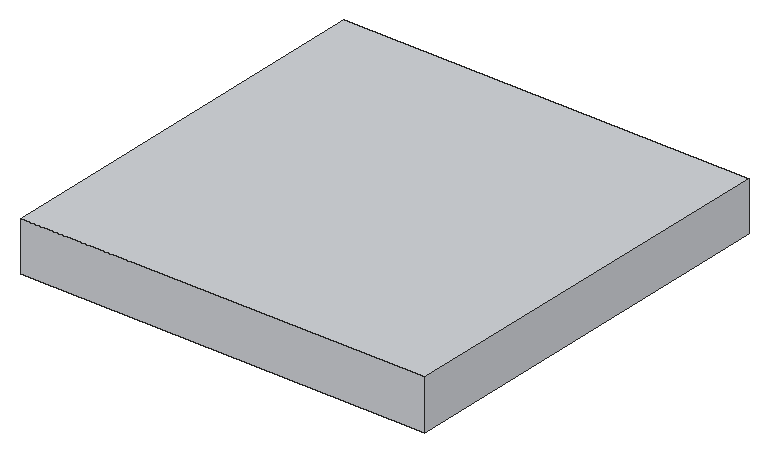
Revit family "Abzugskörper", category Allgemeines Modell, Revit 2023
Family settings
  Basisbauteil = Fläche
  Kann Basisbauteil für Bewehrung sein = Nein
  Bemaßung runder Anschluss = Durchmesser verwenden
  Teiletyp = Normal
  Beim Laden mit Abzugskörper schneiden = Ja
  Beschriftungsausrichtung beibehalten = Nein
  Gemeinsam genutzt = Nein
  Raumberechnungspunkt = Nein
Parameters
  Default Elevation = 0.0 mm
  Länge [instance] = 765.794 mm
  Dicke [instance] = 142.529 mm
  Breite [instance] = 303.76 mm
Reference planes
  plane 1 "Mitte (Vorne/hinten)": y = 0
  plane 2: z = 0
  plane 3 "Mitte (Links/rechts)": x = 0
  plane 4: x = 765.794
  plane 5: y = 303.76
  plane 6: z = 142.529
Forms (mm)
  Extrusion 1, solid
    sketch origin (0, 0, 0) x (1, 0, 0) y (0, 1, 0)
      loop
        line (-1219.2, 1219.2) -> (-1219.2, -1219.2) -> (1219.2, -1219.2) -> (1219.2, 1219.2) -> (-1219.2, 1219.2)
    from 0 to -300
  Extrusion 2, void
    sketch origin (0, 0, 0) x (1, 0, 0) y (0, 1, 0)
      loop
        line (0, 303.76) -> (0, 0) -> (765.794, 0) -> (765.794, 303.76) -> (0, 303.76)
    from 0 to 142.529
Dimensions and locks
  "Länge": plane 3 "Mitte (Links/rechts)" to plane 4
  "Breite": plane 5 to plane 1 "Mitte (Vorne/hinten)"
  "Dicke": plane 6 to plane 2
  aligned and locked: plane 2 to Extrusion 1
  aligned and locked: level to Extrusion 1
  aligned and locked: Extrusion 2 sketch curve to plane 5
  aligned and locked: plane 3 "Mitte (Links/rechts)" to Extrusion 2 sketch curve
  aligned and locked: Extrusion 2 sketch curve to plane 1 "Mitte (Vorne/hinten)"
  aligned and locked: Extrusion 2 sketch curve to plane 4
  aligned and locked: plane 6 to Extrusion 2
Automatic sketch dimensions
  Extrusion 1 sketch curve to Extrusion 1 sketch curve = 2438.4 mm  (x2)
